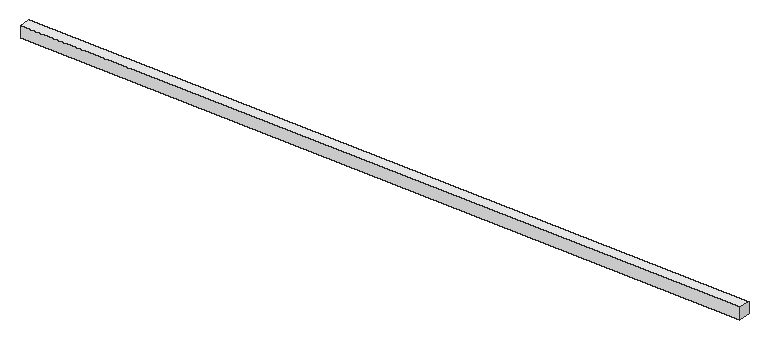
Revit family "CC4_FILLER 90-6 CC_1870G00", category Generic Models, Revit 2018
Family settings
  Can host rebar = No
  Round Connector Dimension = Use Diameter
  Part Type = Normal
  OmniClass Number = 35.51.14.00
  OmniClass Title = FORMWORK
  Work Plane-Based = Yes
  Always vertical = No
  Cut with Voids When Loaded = No
  Shared = Yes
  Room Calculation Point = No
Parameters
  VERSION = "20190128"  # constant formula
  URL = "www.ulmaconstruction.com/en"
  UNICLASS = ""
  Manufacturer = "ULMA CONSTRUCTION"  # constant formula
  LENGTH [instance] = 2250.000 mm
  ITEM_LENGTH [instance] = if(LENGTH < 100.000 mm, 100.000 mm, if(LENGTH < 6000.000 mm, LENGTH, 6000.000 mm))  # 2250.000 mm
  ITEM_GENERIC = "1"  # constant formula
  ITEM_CODE = "1870G00"
  FILTER [instance] = ""
  Default Elevation = 0.000 mm
  CLASSIFICATION_TITLE = ""
  CLASSIFICATION_NUMBER = ""
Reference planes
  plane 1 "Centro (Frontal/Posterior)": y = 0
  plane 2: z = 0
  plane 3 "Centro (Izquierda/Derecha)": x = 0
  plane 4 "ITEM_LENGTH": x = -2250
  plane 5 "LENGTH": x = -2250
Forms (mm)
  Extrusion 1, solid, material "ULMA PLASTIC", detail levels medium+fine
    sketch origin (0, 0, 0) x (0, 1, 0) y (0, 0, 1)
      loop
        line (0, 0) -> (-35, 0) -> (-35, -35) -> (0, -35) -> (0, 0)
    from 0 to -2250
Lines and regions (mm)
  model lines, style "ULMA CONSUMABLES", detail levels coarse
    curve 1: line (-2250, 0, 0) -> (0, 0, 0)
    curve 2: line (-2250, -35, 0) -> (-2250, 0, 0)
    curve 3: line (0, -35, 0) -> (-2250, -35, 0)
    curve 4: line (0, 0, 0) -> (0, -35, 0)
Dimensions and locks
  "ITEM_LENGTH": plane 4 "ITEM_LENGTH" to plane 3 "Centro (Izquierda/Derecha)"
  "LENGTH": plane 5 "LENGTH" to plane 3 "Centro (Izquierda/Derecha)"
  aligned and locked: level to plane 2
  aligned and locked: Extrusion 1 to plane 4 "ITEM_LENGTH"
  aligned and locked: plane 4 "ITEM_LENGTH" to curve 2
Automatic sketch dimensions
  Extrusion 1 sketch curve to level = 0.000 mm
  Extrusion 1 sketch curve to plane 1 "Centro (Frontal/Posterior)" = 0.000 mm
  plane 1 "Centro (Frontal/Posterior)" to Extrusion 1 sketch curve = 35.000 mm
  Extrusion 1 sketch curve to level = 35.000 mm
  curve 3 to plane 3 "Centro (Izquierda/Derecha)" = 0.000 mm
  curve 2 to plane 1 "Centro (Frontal/Posterior)" = 0.000 mm
  plane 1 "Centro (Frontal/Posterior)" to curve 4 = 35.000 mm
